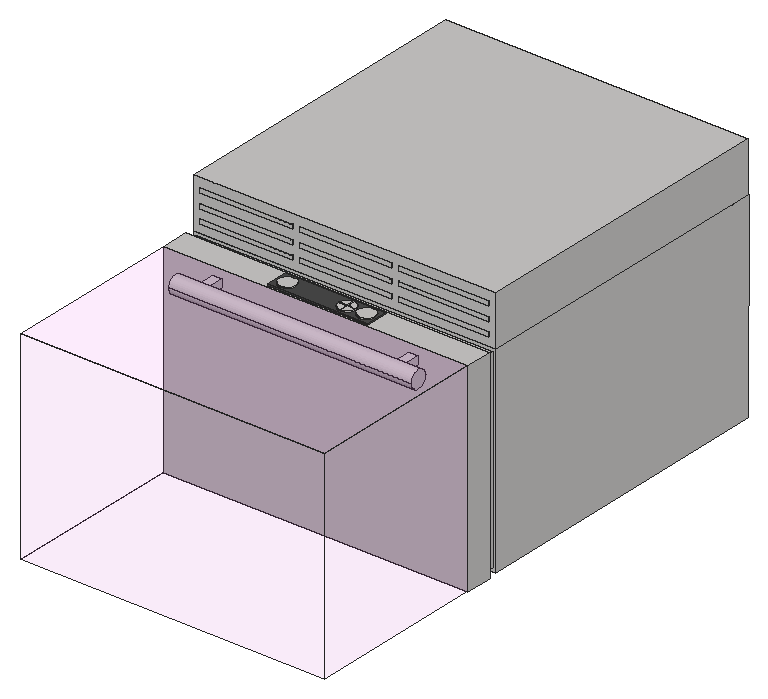
Revit family "QF_Summit_COOL1D_Wine_Beverage_Cooler", category Specialty Equipment, Revit 2020
Family settings
  Round Connector Dimension = Use Diameter
  Part Type = Normal
  Work Plane-Based = No
  Always vertical = Yes
  Cut with Voids When Loaded = No
  Shared = No
  Room Calculation Point = No
Parameters
  Weight in Pounds = 62
  Watts = Volts * FL Amps  # 115 W
  Volts = 115 V
  URL Cutsheet = ""
  Specification by User = ""
  Specification by Manufacturer = ""
  Show Optional Grill [instance] = yes
  Show Door Clearance [instance] = yes
  Serial Number = ""
  Seismic Rating = ""
  SMACNA No = ""
  Revision Code = ""
  Phase = 1
  Number of Poles = 1
  NAFEM Spec ID Number = ""
  Model = "COOL1D"
  Min Ckt Ampacity = 0 A
  Max Overcurrent Protection = 0 A
  Masterspec = ""
  Manufacturer = "Summit"
  Length = 17 7/8"
  Item Number = ""
  Installed By = ""
  Identify Quantity as Lot = yes
  Height = 11 7/8"
  HP = ""
  Furnished By = ""
  Foodservice Equipment Identifier = yes
  FL Amps = 1 A
  Electrical Remarks = ""
  Electric Connection Type = ""
  Elec Conn RI Height = 0"
  Elec Conn Connection Height = 0"
  Description = "Wine/Beverage Cooler"
  Depth = 20 5/8"
  Default Elevation = 0"
  Cycle = 60 Hz
  Conn Plug = ""
  Conn Conduit = yes
  CSI MasterFormat = ""
  Apparent Power = if(Phase = 3, Volts * FL Amps * 1.73, Volts * FL Amps)  # 115 VA
Reference planes (in)
  plane 1 "BACK": y = 0
  plane 2: z = 0
  plane 3 "LEFT": x = 0
  plane 4 "RIGHT": x = 17.875
  plane 5 "FRONT": y = -20.625
  plane 6 "TOP": z = 11.875
  plane 7 "Center Y": x = 8.9375
  plane 8 "Center X": y = -10.3125
  plane 9: x = 0.0625
  plane 10: x = 17.8125
  plane 11: y = -22.5
  plane 12: y = -19
  plane 13: y = -18.5
  plane 14: y = -31.125
  plane 15: x = 1.8125
  plane 16: x = 16.0625
  plane 17: z = 11.8125
  plane 18: z = 0.0625
  plane 19: x = 0.25
  plane 20: x = 17.625
  plane 21: z = 11.625
  plane 22: z = 0.25
  plane 23: z = 14.75
  plane 24: x = 3
Forms (in)
  Extrusion 1, solid, material "QF_Metal_Stainless_Polished"
    sketch origin (-1.0333, -180, 0.0625) x (-1, 0, 0) y (0, -1, 0)
      loop
        line (-1.0958, -180) -> (-1.0958, -161.5) -> (-18.8458, -161.5) -> (-18.8458, -180) -> (-1.0958, -180)
    from 0 to 11.75
  Extrusion 2, solid, material "QF_Metal_Stainless_Polished"
    sketch origin (0, -20.625, 0) x (1, 0, 0) y (0, 0, 1)
      loop
        line (0, 0) -> (17.875, 0) -> (17.875, 11.875) -> (0, 11.875) -> (0, 0)
    from 0 to -1.625
  Extrusion 3, solid, material "QF_Metal_Stainless_Polished"
    sketch origin (0, -19, 0) x (-1, 0, 0) y (0, 0, 1)
      loop
        line (-0.25, 11.625) -> (-17.625, 11.625) -> (-17.625, 0.25) -> (-0.25, 0.25) -> (-0.25, 11.625)
    from 0 to 0.5
  Extrusion 4, solid, material "QF_Metal_Stainless_Polished"
    sketch origin (0, -20.625, 0) x (1, 0, 0) y (0, 0, 1)
      loop
        line (2.93626, 11.3979) -> (2.93626, 10.8979) -> (3.43626, 10.8979) -> (3.43626, 11.3979) -> (2.93626, 11.3979)
      loop
        line (14.93874, 11.3979) -> (14.43874, 11.3979) -> (14.43874, 10.8979) -> (14.93874, 10.8979) -> (14.93874, 11.3979)
    from 0 to 1.5
  Extrusion 5, solid, material "QF_Metal_Stainless_Polished"
    sketch origin (1.8125, -39.91862, 48) x (0, -1, 0) y (0, 0, 1)
      loop
        circle (-17.91862, -36.8521) r 0.5
    from 0 to -14.25
  Extrusion 6, solid, material "QF_Metal_Stainless_Polished"
    sketch origin (-1.0333, -180, 11.8125) x (-1, 0, 0) y (0, -1, 0)
      loop
        arc (-7.2833, -177.625) -> (-7.4083, -177.5) -> (-7.5333, -177.625) r 0.125
        line (-7.5333, -177.625) -> (-7.5333, -179.375)
        arc (-7.5333, -179.375) -> (-7.4083, -179.5) -> (-7.2833, -179.375) r 0.125
        line (-7.2833, -179.375) -> (-7.2833, -177.625)
      loop
        arc (-7.67182, -177.625) -> (-7.79682, -177.5) -> (-7.92182, -177.625) r 0.125
        line (-7.92182, -177.625) -> (-7.92182, -179.375)
        arc (-7.92182, -179.375) -> (-7.79682, -179.5) -> (-7.67182, -179.375) r 0.125
        line (-7.67182, -179.375) -> (-7.67182, -177.625)
      loop
        arc (-8.06034, -177.625) -> (-8.18534, -177.5) -> (-8.31034, -177.625) r 0.125
        line (-8.31034, -177.625) -> (-8.31034, -179.375)
        arc (-8.31034, -179.375) -> (-8.18534, -179.5) -> (-8.06034, -179.375) r 0.125
        line (-8.06034, -179.375) -> (-8.06034, -177.625)
      loop
        arc (-8.44886, -177.625) -> (-8.57386, -177.5) -> (-8.69886, -177.625) r 0.125
        line (-8.69886, -177.625) -> (-8.69886, -179.375)
        arc (-8.69886, -179.375) -> (-8.57386, -179.5) -> (-8.44886, -179.375) r 0.125
        line (-8.44886, -179.375) -> (-8.44886, -177.625)
      loop
        arc (-8.83738, -177.625) -> (-8.96238, -177.5) -> (-9.08738, -177.625) r 0.125
        line (-9.08738, -177.625) -> (-9.08738, -179.375)
        arc (-9.08738, -179.375) -> (-8.96238, -179.5) -> (-8.83738, -179.375) r 0.125
        line (-8.83738, -179.375) -> (-8.83738, -177.625)
      loop
        arc (-9.3509, -177.625) -> (-9.4759, -177.5) -> (-9.6009, -177.625) r 0.125
        line (-9.6009, -177.625) -> (-9.6009, -179.375)
        arc (-9.6009, -179.375) -> (-9.4759, -179.5) -> (-9.3509, -179.375) r 0.125
        line (-9.3509, -179.375) -> (-9.3509, -177.625)
      loop
        line (-12.6583, -177.625) -> (-12.6583, -179.375)
        arc (-12.6583, -179.375) -> (-12.5333, -179.5) -> (-12.4083, -179.375) r 0.125
        line (-12.4083, -179.375) -> (-12.4083, -177.625)
        arc (-12.4083, -177.625) -> (-12.5333, -177.5) -> (-12.6583, -177.625) r 0.125
      loop
        line (-12.26977, -177.625) -> (-12.26977, -179.375)
        arc (-12.26977, -179.375) -> (-12.14477, -179.5) -> (-12.01977, -179.375) r 0.125
        line (-12.01977, -179.375) -> (-12.01977, -177.625)
        arc (-12.01977, -177.625) -> (-12.14477, -177.5) -> (-12.26977, -177.625) r 0.125
      loop
        line (-11.88125, -177.625) -> (-11.88125, -179.375)
        arc (-11.88125, -179.375) -> (-11.75625, -179.5) -> (-11.63125, -179.375) r 0.125
        line (-11.63125, -179.375) -> (-11.63125, -177.625)
        arc (-11.63125, -177.625) -> (-11.75625, -177.5) -> (-11.88125, -177.625) r 0.125
      loop
        line (-11.49273, -177.625) -> (-11.49273, -179.375)
        arc (-11.49273, -179.375) -> (-11.36773, -179.5) -> (-11.24273, -179.375) r 0.125
        line (-11.24273, -179.375) -> (-11.24273, -177.625)
        arc (-11.24273, -177.625) -> (-11.36773, -177.5) -> (-11.49273, -177.625) r 0.125
      loop
        line (-11.10421, -177.625) -> (-11.10421, -179.375)
        arc (-11.10421, -179.375) -> (-10.97921, -179.5) -> (-10.85421, -179.375) r 0.125
        line (-10.85421, -179.375) -> (-10.85421, -177.625)
        arc (-10.85421, -177.625) -> (-10.97921, -177.5) -> (-11.10421, -177.625) r 0.125
      loop
        line (-10.59069, -177.625) -> (-10.59069, -179.375)
        arc (-10.59069, -179.375) -> (-10.46569, -179.5) -> (-10.34069, -179.375) r 0.125
        line (-10.34069, -179.375) -> (-10.34069, -177.625)
        arc (-10.34069, -177.625) -> (-10.46569, -177.5) -> (-10.59069, -177.625) r 0.125
    from 0 to 0.03125
  Extrusion 7, solid, material "QF_Plastic_Black_Smooth"
    sketch origin (17.97288, -20.625, 11.875) x (-1, 0, 0) y (0, -1, 0)
      loop
        line (11.97548, -0.14351) -> (6.09527, -0.14351) -> (6.09527, -1.48149) -> (11.97548, -1.48149) -> (11.97548, -0.14351)
    from 0 to 0.0625
  Extrusion 8, solid, material "QF_Metal_Stainless_Polished"
    sketch origin (17.97288, -20.625, 11.9375) x (-1, 0, 0) y (0, -1, 0)
      loop
        circle (11.35822, -0.8125) r 0.5
      loop
        circle (6.71253, -0.8125) r 0.5
      loop
        line (8.34763, -0.8438) -> (7.87805, -0.8438) -> (7.87805, -1.30787)
        arc (7.87805, -1.30787) -> (8.19916, -1.16317) -> (8.34763, -0.8438) r 0.50511
      loop
        line (7.81628, -1.30815) -> (7.81628, -0.8438) -> (7.34882, -0.8438)
        arc (7.34882, -0.8438) -> (7.49478, -1.16433) -> (7.81628, -1.30815) r 0.49801
      loop
        line (7.34816, -0.79203) -> (7.81628, -0.79203) -> (7.81628, -0.31456)
        arc (7.81628, -0.31456) -> (7.49045, -0.46333) -> (7.34816, -0.79203) r 0.49914
      loop
        line (7.87805, -0.79203) -> (8.34907, -0.79203)
        arc (8.34907, -0.79203) -> (8.20483, -0.46327) -> (7.87805, -0.31459) r 0.50268
        line (7.87805, -0.31459) -> (7.87805, -0.79203)
    from 0 to 0.03125
  Extrusion 9, solid, material "QF_Metal_Stainless_Polished"
    sketch origin (0.0625, 0, 0.0625) x (1, 0, 0) y (0, 0, -1)
      loop
        circle (2.9375, -2.32704) r 0.25
    from 0 to 0.0625
  Extrusion 10, solid, material "QF_Clearances_Door_Drawer", visible <- "Show Door Clearance"
    sketch origin (0, -20.625, 0) x (1, 0, 0) y (0, 0, 1)
      loop
        line (0, 11.875) -> (0, 0) -> (17.875, 0) -> (17.875, 11.875) -> (0, 11.875)
    from 0 to 10.5
  Extrusion 11, solid, material "QF_Metal_Stainless_Polished", visible <- "Show Optional Grill"
    sketch origin (0, 0, 0) x (1, 0, 0) y (0, 0, 1)
      loop
        line (0.0625, 14.75) -> (0.0625, 11.8125) -> (17.8125, 11.8125) -> (17.8125, 14.75) -> (0.0625, 14.75)
    from 0 to 18.5
  Extrusion 12, solid, material "QF_Metal_Stainless_Polished", visible <- "Show Optional Grill"
    sketch origin (0, -18.5, 0) x (1, 0, 0) y (0, 0, 1)
      loop
        line (0.47936, 14.18785) -> (0.47936, 13.93785) -> (5.88561, 13.93785) -> (5.88561, 14.18785) -> (0.47936, 14.18785)
      loop
        line (0.47936, 13.37359) -> (0.47936, 13.12359) -> (5.88561, 13.12359) -> (5.88561, 13.37359) -> (0.47936, 13.37359)
      loop
        line (0.47936, 12.55934) -> (0.47936, 12.30934) -> (5.88561, 12.30934) -> (5.88561, 12.55934) -> (0.47936, 12.55934)
      loop
        line (6.29687, 14.18785) -> (6.29687, 13.93785) -> (11.70312, 13.93785) -> (11.70312, 14.18785) -> (6.29687, 14.18785)
      loop
        line (6.29687, 13.37359) -> (6.29687, 13.12359) -> (11.70312, 13.12359) -> (11.70312, 13.37359) -> (6.29687, 13.37359)
      loop
        line (6.29687, 12.55934) -> (6.29687, 12.30934) -> (11.70312, 12.30934) -> (11.70312, 12.55934) -> (6.29687, 12.55934)
      loop
        line (17.39564, 14.18785) -> (12.11439, 14.18785) -> (12.11439, 13.93785) -> (17.39564, 13.93785) -> (17.39564, 14.18785)
      loop
        line (17.39564, 13.37359) -> (12.11439, 13.37359) -> (12.11439, 13.12359) -> (17.39564, 13.12359) -> (17.39564, 13.37359)
      loop
        line (17.39564, 12.55934) -> (12.11439, 12.55934) -> (12.11439, 12.30934) -> (17.39564, 12.30934) -> (17.39564, 12.55934)
    from 0 to 0.03125
Cuts and joins
  joined: Extrusion 4, Extrusion 5
Lines and regions (in)
  symbolic lines
    curve 1: line (0.0625, 0, 0) -> (17.8125, 0, 0)
    curve 2: line (0.0625, -18.5, 0) -> (0.0625, 0, 0)
    curve 3: line (17.8125, -18.5, 0) -> (0.0625, -18.5, 0)
    curve 4: line (17.8125, 0, 0) -> (17.8125, -18.5, 0)
    curve 5: line (0, -19, 0) -> (17.875, -19, 0)
    curve 6: line (0, -20.625, 0) -> (0, -19, 0)
    curve 7: line (17.875, -20.625, 0) -> (0, -20.625, 0)
    curve 8: line (17.875, -19, 0) -> (17.875, -20.625, 0)
    curve 9: line (5.9974, -19.14351, 0) -> (5.9974, -20.48149, 0)
    curve 10: line (11.8776, -19.14351, 0) -> (5.9974, -19.14351, 0)
    curve 11: line (5.9974, -20.48149, 0) -> (11.8776, -20.48149, 0)
    curve 12: line (11.8776, -20.48149, 0) -> (11.8776, -19.14351, 0)
    curve 13: arc (11.76034, -19.8125, 0) -> (11.26034, -19.3125, 0) -> (10.76034, -19.8125, 0) r 0.5
    curve 14: arc (10.76034, -19.8125, 0) -> (11.26034, -20.3125, 0) -> (11.76034, -19.8125, 0) r 0.5
    curve 15: arc (10.62406, -19.7812, 0) -> (10.4781, -19.46067, 0) -> (10.1566, -19.31685, 0) r 0.49801
    curve 16: line (10.1566, -19.31685, 0) -> (10.1566, -19.7812, 0)
    curve 17: line (10.1566, -19.7812, 0) -> (10.62406, -19.7812, 0)
    curve 18: arc (10.09483, -19.31713, 0) -> (9.77372, -19.46183, 0) -> (9.62524, -19.7812, 0) r 0.50511
    curve 19: line (9.62524, -19.7812, 0) -> (10.09483, -19.7812, 0)
    curve 20: line (10.09483, -19.7812, 0) -> (10.09483, -19.31713, 0)
    curve 21: arc (9.6238, -19.83297, 0) -> (9.76805, -20.16173, 0) -> (10.09483, -20.31041, 0) r 0.50268
    curve 22: line (10.09483, -20.31041, 0) -> (10.09483, -19.83297, 0)
    curve 23: line (10.09483, -19.83297, 0) -> (9.6238, -19.83297, 0)
    curve 24: arc (10.1566, -20.31044, 0) -> (10.48243, -20.16167, 0) -> (10.62471, -19.83297, 0) r 0.49914
    curve 25: line (10.62471, -19.83297, 0) -> (10.1566, -19.83297, 0)
    curve 26: line (10.1566, -19.83297, 0) -> (10.1566, -20.31044, 0)
    curve 27: arc (7.11466, -19.8125, 0) -> (6.61466, -19.3125, 0) -> (6.11466, -19.8125, 0) r 0.5
    curve 28: arc (6.11466, -19.8125, 0) -> (6.61466, -20.3125, 0) -> (7.11466, -19.8125, 0) r 0.5
    curve 29: line (1.8125, -22.5, 0) -> (16.0625, -22.5, 0)
    curve 30: line (1.8125, -21.5, 0) -> (1.8125, -22.5, 0)
    curve 31: line (16.0625, -21.5, 0) -> (1.8125, -21.5, 0)
    curve 32: line (16.0625, -22.5, 0) -> (16.0625, -21.5, 0)
    curve 33: line (14.93874, -20.625, 0) -> (14.93874, -21.5, 0)
    curve 34: line (14.43874, -20.625, 0) -> (14.43874, -21.5, 0)
    curve 35: line (2.93626, -20.625, 0) -> (2.93626, -21.5, 0)
    curve 36: line (3.43626, -20.625, 0) -> (3.43626, -21.5, 0)
    curve 37: line (0.25, -18.5, 0) -> (0.25, -19, 0)
    curve 38: line (17.625, -18.5, 0) -> (17.625, -19, 0)
    curve 39: line (6.25, -0.625, 0) -> (6.25, -2.375, 0)
    curve 40: arc (6.25, -2.375, 0) -> (6.375, -2.5, 0) -> (6.5, -2.375, 0) r 0.125
    curve 41: line (6.5, -2.375, 0) -> (6.5, -0.625, 0)
    curve 42: arc (6.5, -0.625, 0) -> (6.375, -0.5, 0) -> (6.25, -0.625, 0) r 0.125
    curve 43: line (6.63852, -0.625, 0) -> (6.63852, -2.375, 0)
    curve 44: arc (6.63852, -2.375, 0) -> (6.76352, -2.5, 0) -> (6.88852, -2.375, 0) r 0.125
    curve 45: line (6.88852, -2.375, 0) -> (6.88852, -0.625, 0)
    curve 46: arc (6.88852, -0.625, 0) -> (6.76352, -0.5, 0) -> (6.63852, -0.625, 0) r 0.125
    curve 47: line (7.02704, -0.625, 0) -> (7.02704, -2.375, 0)
    curve 48: arc (7.02704, -2.375, 0) -> (7.15204, -2.5, 0) -> (7.27704, -2.375, 0) r 0.125
    curve 49: line (7.27704, -2.375, 0) -> (7.27704, -0.625, 0)
    curve 50: arc (7.27704, -0.625, 0) -> (7.15204, -0.5, 0) -> (7.02704, -0.625, 0) r 0.125
    curve 51: line (7.41557, -0.625, 0) -> (7.41557, -2.375, 0)
    curve 52: arc (7.41557, -2.375, 0) -> (7.54057, -2.5, 0) -> (7.66557, -2.375, 0) r 0.125
    curve 53: line (7.66557, -2.375, 0) -> (7.66557, -0.625, 0)
    curve 54: arc (7.66557, -0.625, 0) -> (7.54057, -0.5, 0) -> (7.41557, -0.625, 0) r 0.125
    curve 55: line (7.80409, -0.625, 0) -> (7.80409, -2.375, 0)
    curve 56: arc (7.80409, -2.375, 0) -> (7.92909, -2.5, 0) -> (8.05409, -2.375, 0) r 0.125
    curve 57: line (8.05409, -2.375, 0) -> (8.05409, -0.625, 0)
    curve 58: arc (8.05409, -0.625, 0) -> (7.92909, -0.5, 0) -> (7.80409, -0.625, 0) r 0.125
    curve 59: line (8.31761, -0.625, 0) -> (8.31761, -2.375, 0)
    curve 60: arc (8.31761, -2.375, 0) -> (8.44261, -2.5, 0) -> (8.56761, -2.375, 0) r 0.125
    curve 61: line (8.56761, -2.375, 0) -> (8.56761, -0.625, 0)
    curve 62: arc (8.56761, -0.625, 0) -> (8.44261, -0.5, 0) -> (8.31761, -0.625, 0) r 0.125
    curve 63: line (9.30739, -0.625, 0) -> (9.30739, -2.375, 0)
    curve 64: arc (9.30739, -2.375, 0) -> (9.43239, -2.5, 0) -> (9.55739, -2.375, 0) r 0.125
    curve 65: line (9.55739, -2.375, 0) -> (9.55739, -0.625, 0)
    curve 66: arc (9.55739, -0.625, 0) -> (9.43239, -0.5, 0) -> (9.30739, -0.625, 0) r 0.125
    curve 67: line (9.82091, -0.625, 0) -> (9.82091, -2.375, 0)
    curve 68: arc (9.82091, -2.375, 0) -> (9.94591, -2.5, 0) -> (10.07091, -2.375, 0) r 0.125
    curve 69: line (10.07091, -2.375, 0) -> (10.07091, -0.625, 0)
    curve 70: arc (10.07091, -0.625, 0) -> (9.94591, -0.5, 0) -> (9.82091, -0.625, 0) r 0.125
    curve 71: line (10.20943, -0.625, 0) -> (10.20943, -2.375, 0)
    curve 72: arc (10.20943, -2.375, 0) -> (10.33443, -2.5, 0) -> (10.45943, -2.375, 0) r 0.125
    curve 73: line (10.45943, -2.375, 0) -> (10.45943, -0.625, 0)
    curve 74: arc (10.45943, -0.625, 0) -> (10.33443, -0.5, 0) -> (10.20943, -0.625, 0) r 0.125
    curve 75: line (10.59796, -0.625, 0) -> (10.59796, -2.375, 0)
    curve 76: arc (10.59796, -2.375, 0) -> (10.72296, -2.5, 0) -> (10.84796, -2.375, 0) r 0.125
    curve 77: line (10.84796, -2.375, 0) -> (10.84796, -0.625, 0)
    curve 78: arc (10.84796, -0.625, 0) -> (10.72296, -0.5, 0) -> (10.59796, -0.625, 0) r 0.125
    curve 79: line (10.98648, -0.625, 0) -> (10.98648, -2.375, 0)
    curve 80: arc (10.98648, -2.375, 0) -> (11.11148, -2.5, 0) -> (11.23648, -2.375, 0) r 0.125
    curve 81: line (11.23648, -2.375, 0) -> (11.23648, -0.625, 0)
    curve 82: arc (11.23648, -0.625, 0) -> (11.11148, -0.5, 0) -> (10.98648, -0.625, 0) r 0.125
    curve 83: line (11.375, -0.625, 0) -> (11.375, -2.375, 0)
    curve 84: arc (11.375, -2.375, 0) -> (11.5, -2.5, 0) -> (11.625, -2.375, 0) r 0.125
    curve 85: line (11.625, -2.375, 0) -> (11.625, -0.625, 0)
    curve 86: arc (11.625, -0.625, 0) -> (11.5, -0.5, 0) -> (11.375, -0.625, 0) r 0.125
  symbolic lines, style "QF_Clearances_Door_Drawer", visible <- "Show Door Clearance"
    curve 87: line (0, -20.625, 0) -> (0, -31.125, 0)
    curve 88: line (0, -31.125, 0) -> (17.875, -31.125, 0)
    curve 89: line (17.875, -31.125, 0) -> (17.875, -20.625, 0)
Dimensions and locks (in)
  equal spacing: plane 3 "LEFT", plane 7 "Center Y", plane 4 "RIGHT"
  "Length": plane 3 "LEFT" to plane 4 "RIGHT"
  equal spacing: plane 5 "FRONT", plane 8 "Center X", plane 1 "BACK"
  "Depth": plane 5 "FRONT" to plane 1 "BACK"
  "Height": plane 6 "TOP" to level
  plane 9 to plane 10 = 17 3/4"
  plane 5 "FRONT" to plane 11 = 1 7/8"
  plane 5 "FRONT" to plane 12 = 1 5/8"
  plane 13 to plane 1 "BACK" = 18 1/2"
  plane 14 to plane 1 "BACK" = 31 1/8"
  plane 15 to plane 16 = 14 1/4"
  plane 3 "LEFT" to plane 4 "RIGHT" = 17 7/8"
  plane 23 to plane 6 "TOP" = 2 7/8"
  Extrusion 6 to Extrusion 6 = 5 3/8"
  Extrusion 11 to Extrusion 6 = 1/2"
  aligned and locked: level to plane 2
Automatic sketch dimensions
  plane 1 "BACK" to Extrusion 1 sketch curve = 0"
  Extrusion 1 sketch curve to plane 10 = 0"
  Extrusion 1 sketch curve to plane 9 = 0"
  Extrusion 1 sketch curve to plane 13 = 0"
  Extrusion 2 sketch curve to plane 3 "LEFT" = 0"
  plane 4 "RIGHT" to Extrusion 2 sketch curve = 0"
  Extrusion 2 sketch curve to level = 0"
  Extrusion 2 sketch curve to plane 6 "TOP" = 0"
  Extrusion 2 to Extrusion 3 sketch curve = 1/4"  (x4)
  Extrusion 4 sketch curve to Extrusion 2 = 0.9771"  (x2)
  Extrusion 4 sketch curve to Extrusion 2 = 2.93626"
  Extrusion 4 sketch curve to Extrusion 4 sketch curve = 1/2"  (x2)
  Extrusion 4 sketch curve to Extrusion 2 = 3.43626"
  Extrusion 4 sketch curve to Extrusion 2 = 0.4771"  (x2)
  plane 11 to Extrusion 5 sketch curve = 1/2"
  Extrusion 5 sketch curve to plane 21 = 0.4771"
  Extrusion 6 sketch curve to Extrusion 1 = 6 3/16"
  Extrusion 6 sketch curve to Extrusion 6 sketch curve = 1/8"  (x12)
  Extrusion 6 sketch curve to Extrusion 6 sketch curve = 0.13852"  (x8)
  Extrusion 6 sketch curve to Extrusion 6 sketch curve = 0.26352"  (x2)
  Extrusion 6 sketch curve to Extrusion 6 sketch curve = 0.73978"
  Extrusion 6 sketch curve to Extrusion 1 = 5/8"  (x2)
  Extrusion 6 sketch curve to Extrusion 6 sketch curve = 0"  (x20)
  Extrusion 6 sketch curve to Extrusion 6 sketch curve = 1 3/4"  (x2)
  Extrusion 2 to Extrusion 7 sketch curve = 0.14351"  (x2)
  Extrusion 2 to Extrusion 7 sketch curve = 5.9974"
  Extrusion 7 sketch curve to Extrusion 7 sketch curve = 5.8802"
  Extrusion 8 sketch curve to Extrusion 7 = 0.61726"  (x2)
  Extrusion 8 sketch curve to Extrusion 8 sketch curve = 0.63563"
  Extrusion 8 sketch curve to Extrusion 8 sketch curve = 0.00066"
  Extrusion 8 sketch curve to Extrusion 8 sketch curve = 0.46811"
  Extrusion 8 sketch curve to Extrusion 7 = 0.17333"
  Extrusion 8 sketch curve to Extrusion 8 sketch curve = 0"
  Extrusion 8 sketch curve to Extrusion 8 sketch curve = 0.02783"
  Extrusion 8 sketch curve to Extrusion 8 sketch curve = 0.00165"
  Extrusion 8 sketch curve to Extrusion 8 sketch curve = 0.00112"
  Extrusion 8 sketch curve to Extrusion 8 sketch curve = 0.0001"
  Extrusion 8 sketch curve to Extrusion 8 sketch curve = 0.03395"
  Extrusion 8 sketch curve to Extrusion 8 sketch curve = 0.06178"
  Extrusion 8 sketch curve to Extrusion 8 sketch curve = 0.46958"
  Extrusion 8 sketch curve to Extrusion 8 sketch curve = 0.00144"
  Extrusion 8 sketch curve to Extrusion 8 sketch curve = 0.00028"
  Extrusion 8 sketch curve to Extrusion 8 sketch curve = 0.46407"
  Extrusion 8 sketch curve to Extrusion 8 sketch curve = 0.03989"
  Extrusion 8 sketch curve to Extrusion 8 sketch curve = 0.00529"
  Extrusion 8 sketch curve to Extrusion 8 sketch curve = 0.00175"
  Extrusion 8 sketch curve to Extrusion 8 sketch curve = 0.0313"
  Extrusion 8 sketch curve to Extrusion 7 = 0.66899"
  Extrusion 8 sketch curve to Extrusion 8 sketch curve = 0.01187"
  Extrusion 8 sketch curve to Extrusion 8 sketch curve = 0.05177"
  Extrusion 9 sketch curve to Extrusion 1 = 2 15/16"
  Extrusion 1 to Extrusion 9 sketch curve = 2.32704"
  Extrusion 2 to Extrusion 10 sketch curve = 0"
  Extrusion 10 sketch curve to Extrusion 2 = 0"  (x3)
  curve 6 to plane 3 "LEFT" = 0"
  curve 2 to plane 9 = 0"
  curve 37 to plane 12 = 0"
  curve 37 to plane 19 = 0"
  curve 30 to plane 11 = 0"
  curve 30 to plane 15 = 0"
  plane 5 "FRONT" to curve 35 = 0"
  curve 31 to plane 16 = 0"
  curve 38 to plane 13 = 0"
  curve 38 to plane 20 = 0"
  curve 4 to plane 10 = 0"
  curve 89 to plane 4 "RIGHT" = 0"
  curve 89 to plane 14 = 0"
  plane 1 "BACK" to curve 2 = 0"
  curve 9 to plane 5 "FRONT" = 0.14351"
  curve 9 to plane 7 "Center Y" = 2.9401"
  curve 39 to plane 7 "Center Y" = 2 11/16"
  curve 39 to curve 40 = 1/8"
  curve 9 to curve 27 = 0.61726"
  curve 41 to curve 43 = 0.13852"
  curve 43 to curve 44 = 1/8"
  curve 45 to curve 47 = 0.13852"
  curve 47 to curve 48 = 1/8"
  curve 49 to curve 51 = 0.13852"
  curve 51 to curve 54 = 1/8"
  curve 53 to curve 55 = 0.13852"
  curve 55 to curve 56 = 1/8"
  curve 57 to curve 59 = 0.26352"
  curve 59 to curve 62 = 1/8"
  plane 7 "Center Y" to curve 63 = 0.36989"
  curve 63 to curve 66 = 1/8"
  plane 7 "Center Y" to curve 23 = 0.6863"
  curve 23 to curve 19 = 0.00144"
  curve 64 to curve 67 = 0.26352"
  curve 67 to curve 68 = 1/8"
  curve 19 to curve 19 = 0.46958"
  curve 22 to curve 19 = 0"
  curve 22 to curve 21 = 0.03107"
  curve 21 to curve 24 = 0.0001"
  curve 24 to curve 15 = 0.00112"
  curve 15 to curve 18 = 0.00165"
  curve 21 to curve 16 = 0.0307"
  curve 18 to curve 25 = 0.02783"
  curve 70 to curve 71 = 0.13852"
  curve 71 to curve 72 = 1/8"
  curve 72 to curve 75 = 0.13852"
  curve 16 to curve 17 = 0.46745"
  curve 15 to curve 25 = 0.00066"
  curve 75 to curve 76 = 1/8"
  curve 78 to curve 79 = 0.13852"
  curve 79 to curve 82 = 1/8"
  curve 24 to curve 13 = 0.63563"
  curve 80 to curve 83 = 0.13852"
  curve 83 to curve 84 = 1/8"
  curve 13 to curve 12 = 0.61726"
  plane 5 "FRONT" to curve 30 = 7/8"
  curve 26 to plane 5 "FRONT" = 0.31456"
  curve 26 to curve 22 = 0.00002"
  curve 22 to curve 23 = 0.47745"
  curve 25 to curve 21 = 0.02427"
  curve 18 to curve 24 = 0.00886"
  curve 15 to curve 24 = 0.00175"
  curve 28 to plane 5 "FRONT" = 13/16"
  curve 24 to curve 13 = 0.02047"
  curve 21 to curve 20 = 0.0275"
  curve 24 to curve 17 = 0.05177"
  curve 10 to plane 12 = 0.14351"
  plane 1 "BACK" to curve 41 = 2 3/8"
  curve 41 to curve 43 = 0"
  curve 81 to curve 83 = 0"
  curve 45 to curve 47 = 0"
  curve 77 to curve 79 = 0"
  curve 49 to curve 51 = 0"
  curve 73 to curve 75 = 0"
  curve 53 to curve 55 = 0"
  curve 69 to curve 71 = 0"
  curve 57 to curve 59 = 0"
  curve 65 to curve 67 = 0"
  plane 1 "BACK" to curve 63 = 5/8"
  plane 1 "BACK" to curve 62 = 5/8"
  curve 66 to curve 67 = 0"
  curve 58 to curve 59 = 0"
  curve 70 to curve 71 = 0"
  curve 54 to curve 55 = 0"
  curve 74 to curve 75 = 0"
  curve 50 to curve 51 = 0"
  curve 78 to curve 79 = 0"
  curve 46 to curve 47 = 0"
  curve 82 to curve 83 = 0"
  curve 42 to curve 43 = 0"
  curve 35 to plane 24 = 0.06374"
  plane 24 to curve 36 = 0.43626"
  curve 27 to curve 27 = 1/2"
  curve 24 to curve 14 = 0.13563"
  curve 34 to curve 31 = 1.62376"
  curve 34 to curve 33 = 1/2"
  plane 3 "LEFT" to Extrusion 11 sketch curve = 1/16"
  plane 4 "RIGHT" to Extrusion 11 sketch curve = 1/16"
  Extrusion 11 sketch curve to plane 6 "TOP" = 1/16"
  Extrusion 11 sketch curve to plane 23 = 0"
  curve 85 to curve 85 = 1 3/4"
  Extrusion 12 sketch curve to Extrusion 11 = 0.41686"  (x6)
  Extrusion 12 sketch curve to Extrusion 11 = 1.31109"  (x3)
  Extrusion 12 sketch curve to Extrusion 12 sketch curve = 5 13/32"  (x2)
  Extrusion 12 sketch curve to Extrusion 12 sketch curve = 0"  (x6)
  Extrusion 12 sketch curve to Extrusion 12 sketch curve = 0.41126"  (x6)
  Extrusion 12 sketch curve to Extrusion 12 sketch curve = 0.56426"  (x4)
  Extrusion 12 sketch curve to Extrusion 12 sketch curve = 1/4"  (x9)
  radius of Extrusion 5 sketch curve = 1/2"
  radius of Extrusion 8 sketch curve = 1/2"  (x2)
  radius of Extrusion 9 sketch curve = 1/4"
Connectors (in)
  electrical at (3, 0.0625, 2.38954), driven by "Volts", driven by "Watts"
    settings: on Extrusion 9, index 1, voltage 115 V, apparent load 115 VA, apparent load phase1 0 VA, apparent load phase2 0 VA, apparent load phase3 0 VA, power factor 1, load classification "Other", number of poles 1, system type 30, power factor state 1, is connector primary yes, connector utility no, sub classification motor no, connector description "Electrical Connection"
